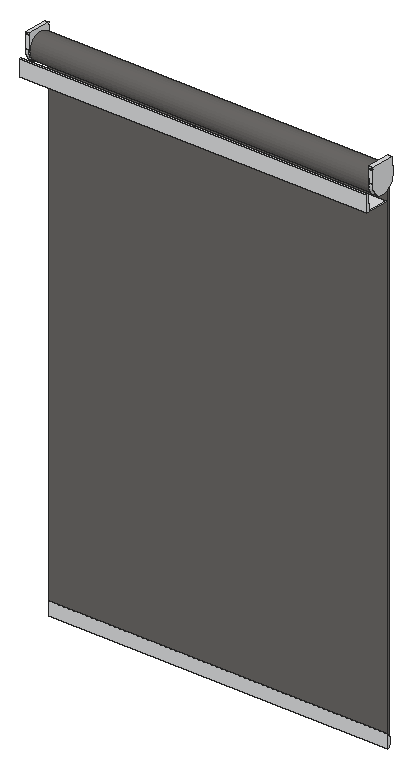
Revit family "Shades-Hunter_Douglas-RB500-Single_Heavy_Duty-Auto-55L_75L_Bracket-Pocket", category Specialty Equipment, Revit 2026
Family settings
  Round Connector Dimension = Use Diameter
  Part Type = Normal
  Classification Number = 23.30.60.14
  Work Plane-Based = No
  Enable Cutting in Views = No
  Always vertical = Yes
  Cut with Voids When Loaded = No
  Maintain Annotation Orientation = No
  Shared = No
  Room Calculation Point = No
Parameters (values of type "55L Ceiling Pocket")
  URL = "https://www.hunterdouglasarchitectural.com/"
  Type Comments = if(CD_Surface Pocket, "Surface Pocket", if(CD_Tile Pocket, "Tile Pocket", if(and([75L], [CD_Ceiling/Gypsum Pocket]), "Gypsum Pocket", "Ceiling Pocket")))  # "Ceiling Pocket"
  Default Elevation = 0' - 0"
  CD_Tile Pocket Calc = and([55L], CD_Tile Pocket)  # no
  CD_Tile Pocket = no
  CD_Surface Pocket = no
  Model = if([75L], "Heavy Duty Automated 75L Bracket", "Heavy Duty Automated 55L Bracket")  # "Heavy Duty Automated 55L Bracket"
  Manufacturer = "Hunter Douglas Architectural"  # constant formula
  Description = "Heavy Duty Automatic Roller Shade"  # constant formula
  CD_Roller CL Offset = if(not([CD_Ceiling/Gypsum Pocket 75L]), 0' 3 1/256" - 0' 0 7/128", 0' 3 1/256")  # 0' - 2 243/256"
  CD_Ceiling/Gypsum Pocket 75L = and([75L], [CD_Ceiling/Gypsum Pocket])  # no
  CD_Ceiling/Gypsum Pocket 55L = and([55L], [CD_Ceiling/Gypsum Pocket])  # yes
  CD_Ceiling/Gypsum Pocket = not(or(CD_Surface Pocket, CD_Tile Pocket))  # yes
  CD_Width [instance] = 4' - 0"
  CD_Warranty = "https://assets.hunterdouglasarchitectural.com/documents/RB500/Lifetime_Guarantee_HDA.pdf?_rand=1465740819000"
  CD_Surface Pocket Calc = and([55L], or(CD_Surface Pocket, CD_Tile Pocket))  # no
  CD_Screen Offset From Face = 0' - 0 231/256"  # constant formula
  CD_Product Page URL = "https://www.hunterdouglasarchitectural.com/windowcoverings/rollershades/RB500/index.jsp"
  CD_Product Name = "RB 500 Roller Shade System"  # constant formula
  CD_Product Documentation Link = "https://www.hunterdouglasarchitectural.com/windowcoverings/rollershades/RB500/index.jsp#cadDrawing"
  CD_Opening Percentage [instance] = 25
  CD_Microsite = "https://microsite.caddetails.com/1669"
  CD_Install Documentation = "https://www.hunterdouglasarchitectural.com/windowcoverings/rollershades/RB500/index.jsp#installationPage"
  CD_Height Opening [instance] = ((CD_Height - CD_Bracket Height - 0' 1 101/256") * CD_Opening Percentage) / 100  # 1' - 10.33887"
  CD_Height [instance] = 8' - 0"
  CD_Finish Rail = Metal-Aluminum-Hunter_Douglas-Anodized
  CD_Finish Frame = Metal-Aluminum-Hunter_Douglas-Anodized
  CD_Finish = Fabric-Shade-Hunter_Douglas-5%-E_Screen-Charcoal_Cocoa
  CD_Fabric Sizing Disclaimer = "Designer to verify maximum fabric size with Manufacturer as the maximum fabric size is dependent on finished dimensions"  # constant formula
  CD_Bracket Offset = if(or(CD_Surface Pocket, CD_Tile Pocket, [CD_Ceiling/Gypsum Pocket 55L]), 0' 0 23/256", 0' 0")  # 0' - 0 23/256"
  CD_Bracket Height = if([75L], 0' 6", 0' 5 1/4")  # 0' - 5 1/4"
  CD_Bracket Depth = 0' - 5 1/4"  # constant formula
  Assembly Code = "E2010300"
  75L = no
  55L = not([75L])  # yes
Types (5): name | Type Comments | CD_Tile Pocket Calc | CD_Tile Pocket | CD_Surface Pocket | Model | CD_Roller CL Offset | CD_Ceiling/Gypsum Pocket 75L | CD_Ceiling/Gypsum Pocket 55L | CD_Ceiling/Gypsum Pocket | CD_Surface Pocket Calc | CD_Height Opening | CD_Bracket Offset | CD_Bracket Height | 75L | 55L
  (no name) | "Ceiling Pocket" | no | no | no | "Heavy Duty Automated 55L Bracket" | 0' - 2 243/256" | no | yes | yes | no | 1' - 10.33887" | 0' - 0 23/256" | 0' - 5 1/4" | no | yes
  55L Surface Pocket | "Surface Pocket" | no | no | yes | "Heavy Duty Automated 55L Bracket" | 0' - 2 243/256" | no | no | no | yes | 1' - 10.33887" | 0' - 0 23/256" | 0' - 5 1/4" | no | yes
  55L Tile Pocket | "Tile Pocket" | yes | yes | no | "Heavy Duty Automated 55L Bracket" | 0' - 2 243/256" | no | no | no | yes | 1' - 10.33887" | 0' - 0 23/256" | 0' - 5 1/4" | no | yes
  55L Ceiling Pocket | "Ceiling Pocket" | no | no | no | "Heavy Duty Automated 55L Bracket" | 0' - 2 243/256" | no | yes | yes | no | 1' - 10.33887" | 0' - 0 23/256" | 0' - 5 1/4" | no | yes
  75L Gypsum Pocket | "Gypsum Pocket" | no | no | no | "Heavy Duty Automated 75L Bracket" | 0' - 3 1/256" | yes | no | yes | no | 1' - 10.15137" | 0' - 0" | 0' - 6" | yes | no
Reference planes (in)
  plane 1 "Center (Front/Back)": y = 0
  plane 2 "Bottom": z = 0
  plane 3 "Center (Left/Right)": x = 0
  plane 4 "Top": z = 96
  plane 5 "Left": x = -24
  plane 6 "Right": x = 24
  plane 7 "Back": y = 2.625
  plane 8 "Front": y = -2.625
  plane 9 "Opening": z = 22.33887
  plane 10 "Head Height": z = 90.75
  plane 11 "Shade Left": x = -23.44922
  plane 12 "Shade Right": x = 23.44922
  plane 13 "Blind Location": y = 1.72266
  plane 14 "Top Bracket": z = 95.91016
  plane 15 "Center (Elevation)": z = 93.69922
Forms (in)
  Extrusion 1, solid, material "Fabric-Shade-Hunter_Douglas-5%-E_Screen-Charcoal_Cocoa" <- "CD_Finish"
    sketch origin (0, 0, -0.25) x (0, 1, 0) y (0, 0, 1)
      loop
        arc (1.73853, 94.20908) -> (-1.7313, 94.10333) -> (1.70355, 93.6006) r 1.74245
        line (1.70355, 93.6006) -> (1.70355, 91.78125) -> (1.73853, 91.78125) -> (1.73853, 94.20908)
    from -23.44922 to 23.44922
  Extrusion 2, solid, material "Metal-Aluminum-Hunter_Douglas-Anodized" <- "CD_Finish Frame", detail levels coarse
    sketch origin (0, 0, 0) x (0, 1, 0) y (0, 0, 1)
      loop
        line (2.625, 90.75) -> (2.625, 96) -> (-2.625, 96) -> (-2.625, 90.75) -> (2.625, 90.75)
    from -24 to 24
  Extrusion 3, solid, material "Metal-Aluminum-Hunter_Douglas-Anodized" <- "CD_Finish Rail", detail levels fine
    sketch origin (0, -0.0067, -20.35107) x (0, 1, 0) y (0, 0, 1)
      loop
        line (1.95623, 43.77417) -> (1.75162, 44.50606) -> (1.70516, 44.50606) -> (1.70516, 42.68993) -> (1.79016, 42.68993) -> (1.94298, 43.26166)
        arc (1.94298, 43.26166) -> (1.97649, 43.51722) -> (1.95623, 43.77417) r 1.23516
    from -23.44922 to 23.44922
  Extrusion 4, solid, material "Fabric-Shade-Hunter_Douglas-5%-E_Screen-Charcoal_Cocoa" <- "CD_Finish"
    sketch origin (0, 0, 0) x (0, 1, 0) y (0, 0, 1)
      loop
        line (1.74015, 22.33887) -> (1.74015, 91.53125) -> (1.70516, 91.53125) -> (1.70516, 22.33887) -> (1.74015, 22.33887)
    from -23.44922 to 23.44922
  Extrusion 5, solid, material "Metal-Aluminum-Hunter_Douglas-Anodized" <- "CD_Finish Frame", visible <- "55L", detail levels medium+fine
    sketch origin (0, 0, -0.25) x (0, 1, 0) y (0, 0, 1)
      loop
        line (1.60826, 96.00328) -> (1.60826, 96.16016) -> (-1.59172, 96.16016) -> (-1.59172, 96.00328) -> (-1.4819, 96.00328) -> (-1.4819, 95.8268) -> (-1.57744, 95.8268) -> (-1.72425, 94.09919)
        arc (-1.72425, 94.09919) -> (0.05558, 92.17167) -> (1.72816, 94.19296) r 1.74245
        line (1.72816, 94.19296) -> (1.59314, 95.83605) -> (1.49846, 95.83605) -> (1.49846, 96.00328) -> (1.60826, 96.00328)
    from 23.44922 to 24
  Extrusion 6, solid, material "Metal-Aluminum-Hunter_Douglas-Anodized" <- "CD_Finish Frame", visible <- "75L", detail levels medium+fine
    sketch origin (0, -10.9375, -0.25) x (0, 1, 0) y (0, 0, 1)
      loop
        line (12.54576, 96.00328) -> (12.54576, 96.16016) -> (9.34578, 96.16016) -> (9.34578, 96.00328) -> (9.4556, 96.00328) -> (9.4556, 95.8268) -> (9.36006, 95.8268) -> (9.20219, 93.39244)
        arc (9.20219, 93.39244) -> (10.93984, 91.45857) -> (12.67747, 93.39245) r 1.74759
        line (12.67747, 93.39245) -> (12.53064, 95.83605) -> (12.43596, 95.83605) -> (12.43596, 96.00328) -> (12.54576, 96.00328)
    from 23.44922 to 24
  Extrusion 7, solid, material "Metal-Aluminum-Hunter_Douglas-Anodized" <- "CD_Finish Frame", visible <- "75L", detail levels medium+fine
    sketch origin (0, 0, -0.25) x (0, 1, 0) y (0, 0, 1)
      loop
        line (1.60826, 96.00328) -> (1.60826, 96.16016) -> (-1.59172, 96.16016) -> (-1.59172, 96.00328) -> (-1.4819, 96.00328) -> (-1.4819, 95.8268) -> (-1.57744, 95.8268) -> (-1.73531, 93.39244)
        arc (-1.73531, 93.39244) -> (0.00234, 91.45857) -> (1.73997, 93.39245) r 1.74759
        line (1.73997, 93.39245) -> (1.59314, 95.83605) -> (1.49846, 95.83605) -> (1.49846, 96.00328) -> (1.60826, 96.00328)
    from -24 to -23.44922
  Extrusion 8, solid, material "Metal-Aluminum-Hunter_Douglas-Anodized" <- "CD_Finish Frame", visible <- "55L", detail levels medium+fine
    sketch origin (0, 0, -0.25) x (0, 1, 0) y (0, 0, 1)
      loop
        line (1.60826, 96.00328) -> (1.60826, 96.16016) -> (-1.59172, 96.16016) -> (-1.59172, 96.00328) -> (-1.4819, 96.00328) -> (-1.4819, 95.8268) -> (-1.57744, 95.8268) -> (-1.72425, 94.09919)
        arc (-1.72425, 94.09919) -> (0.05558, 92.17167) -> (1.72816, 94.19296) r 1.74245
        line (1.72816, 94.19296) -> (1.59314, 95.83605) -> (1.49846, 95.83605) -> (1.49846, 96.00328) -> (1.60826, 96.00328)
    from -24 to -23.44922
  Extrusion 9, solid, material "Metal-Aluminum-Hunter_Douglas-Anodized" <- "CD_Finish Frame", visible <- "CD_Ceiling/Gypsum Pocket 55L", detail levels medium+fine
    sketch origin (0, 0, 0) x (0, 1, 0) y (0, 0, 1)
      loop
        line (-2.625, 90.75) -> (0.61405, 90.75) -> (0.61405, 90.82071) -> (-2.30021, 90.82071) -> (-2.30021, 91.76116) -> (-2.56321, 91.76116) -> (-2.56321, 93.05648) -> (-2.625, 93.05648) -> (-2.625, 90.75)
    from -24 to 24
  Extrusion 10, solid, material "Metal-Aluminum-Hunter_Douglas-Anodized" <- "CD_Finish Frame", visible <- "CD_Surface Pocket Calc", detail levels medium+fine
    sketch origin (0, 5.75, -0.86335) x (0, 1, 0) y (0, 0, 1)
      loop
        line (-3.40133, 91.61335) -> (-3.125, 91.61335) -> (-3.125, 96.86335) -> (-8.375, 96.86335) -> (-8.375, 91.61117) -> (-5.13595, 91.61117) -> (-5.13595, 91.68188) -> (-7.94857, 91.68188) -> (-7.94857, 96.77185) -> (-3.40133, 96.77185) -> (-3.40133, 91.61335)
    from -24 to 24
  Extrusion 11, solid, material "Metal-Aluminum-Hunter_Douglas-Anodized" <- "CD_Finish Frame", visible <- "CD_Tile Pocket Calc", detail levels medium+fine
    sketch origin (0, 5.75, -0.86335) x (0, 1, 0) y (0, 0, 1)
      loop
        line (-8.375, 91.61117) -> (-8.375, 91.70486) -> (-9.2296, 91.70486) -> (-9.2296, 91.61117) -> (-8.375, 91.61117)
    from -24 to 24
  Extrusion 12, solid, material "Metal-Aluminum-Hunter_Douglas-Anodized" <- "CD_Finish Frame", visible <- "CD_Ceiling/Gypsum Pocket 75L", detail levels medium+fine
    sketch origin (0, -0.375, 0) x (0, 1, 0) y (0, 0, 1)
      loop
        line (-2.625, 90.75) -> (0.61405, 90.75) -> (0.61405, 90.82071) -> (-2.30021, 90.82071) -> (-2.30021, 91.76116) -> (-2.56321, 91.76116) -> (-2.56321, 93.05648) -> (-2.625, 93.05648) -> (-2.625, 90.75)
    from -24 to 24
Cuts and joins
  joined: Extrusion 1, Extrusion 4
Lines and regions (in)
  Masking region 1, detail levels fine
    outline origin (0, -0.0067, 0.31605) x (0, 1, 0) y (0, 0, 1)
      loop
        line (1.94404, 23.10704) -> (1.75162, 23.83894) -> (1.70516, 23.83894) -> (1.70516, 22.02281) -> (1.79016, 22.02281) -> (1.94298, 22.59454)
        arc (1.94298, 22.59454) -> (1.9769, 22.85072) -> (1.94404, 23.10704) r 1
Dimensions and locks (in)
  "CD_Height": plane 4 "Top" to plane 2 "Bottom"
  equal spacing: plane 5 "Left", plane 3 "Center (Left/Right)", plane 6 "Right"
  "CD_Width": plane 5 "Left" to plane 6 "Right"
  equal spacing: plane 8 "Front", plane 1 "Center (Front/Back)", plane 7 "Back"
  "CD_Bracket Depth": plane 8 "Front" to plane 7 "Back"
  locked: Extrusion 4 sketch curve to plane 10 "Head Height" at 0.78125
  Extrusion 4 sketch curve to plane 13 "Blind Location" to Extrusion 4 sketch curve = 0' - 0.01749" locked, 0' - 0.01749" locked
  locked: plane 5 "Left" to plane 11 "Shade Left" at 0.55078
  locked: plane 12 "Shade Right" to plane 6 "Right" at 0.55078
  "CD_Height Opening": plane 9 "Opening" to level
  "CD_Bracket Height": plane 4 "Top" to plane 10 "Head Height"
  "CD_Screen Offset From Face": plane 13 "Blind Location" to plane 7 "Back"
  Masking region 1 sketch curve to plane 9 "Opening" to Masking region 1 sketch curve to Masking region 1 sketch curve to Masking region 1 sketch curve = 0' - 0" locked, 0' - 0.57173" locked, 0' - 0.51251" locked, 0' - 0.7319" locked
  Masking region 1 sketch curve to Masking region 1 sketch curve to Masking region 1 sketch curve to plane 13 "Blind Location" to Extrusion 4 = 0' - 0.18675" locked, 0' - 0.03854" locked, 0' - 0.02226" locked, 0' - 0.01749" locked
  Extrusion 3 sketch curve to plane 9 "Opening" to Extrusion 3 sketch curve to Extrusion 3 sketch curve to Extrusion 3 sketch curve = 0' - 0" locked, 0' - 0.57173" locked, 0' - 0.51251" locked, 0' - 0.7319" locked
  Extrusion 3 sketch curve to Extrusion 3 sketch curve to Extrusion 3 sketch curve to plane 13 "Blind Location" to Extrusion 4 = 0' - 0.18675" locked, 0' - 0.03854" locked, 0' - 0.02226" locked, 0' - 0.01749" locked
  Extrusion 5 sketch curve to Extrusion 5 sketch curve to Extrusion 5 sketch curve to Extrusion 5 sketch curve to plane 1 "Center (Front/Back)" = 0' - 0.14246" locked, 0' - 0.01512" locked, 0' - 0.09468" locked, 0' - 1.49846" locked
  plane 1 "Center (Front/Back)" to Extrusion 5 sketch curve to Extrusion 5 sketch curve to Extrusion 5 sketch curve = 0' - 1.4819" locked, 0' - 0.09553" locked, 0' - 0.01429" locked
  locked: Extrusion 1 sketch curve to plane 10 "Head Height" at 0.78125
  Extrusion 1 sketch curve to Extrusion 1 sketch curve to plane 10 "Head Height" = 0' - 3.4849" locked, 0' - 1.26087" locked
  Extrusion 1 sketch curve to Extrusion 1 sketch curve to plane 1 "Center (Front/Back)" to Extrusion 1 sketch curve = 0' - 0.03498" locked, 0' - 1.70355" locked, 0' - 1.73417" locked
  Extrusion 6 sketch curve to Extrusion 6 sketch curve to Extrusion 6 sketch curve to Extrusion 6 sketch curve to plane 1 "Center (Front/Back)" = 0' - 0.14167" locked, 0' - 0.01512" locked, 0' - 0.09468" locked, 0' - 1.49846" locked
  plane 1 "Center (Front/Back)" to Extrusion 6 sketch curve to Extrusion 6 sketch curve to Extrusion 6 sketch curve = 0' - 1.4819" locked, 0' - 0.09553" locked, 0' - 0.01429" locked
  Extrusion 6 sketch curve to plane 14 "Top Bracket" to Extrusion 6 sketch curve to Extrusion 6 sketch curve to Extrusion 6 sketch curve to Extrusion 6 sketch curve to Extrusion 6 sketch curve to Extrusion 6 sketch curve to Extrusion 6 sketch curve = 0' - 0" locked, 0' - 0.15688" locked, 0' - 0" locked, 0' - 0.16723" locked, 0' - 0.00925" locked, 0' - 2.43435" locked, 0' - 0" locked, 0' - 1.93386" locked
  Extrusion 5 sketch curve to plane 14 "Top Bracket" to Extrusion 5 sketch curve to Extrusion 5 sketch curve to Extrusion 5 sketch curve to Extrusion 5 sketch curve to Extrusion 5 sketch curve to Extrusion 5 sketch curve to Extrusion 5 sketch curve = 0' - 0" locked, 0' - 0.15688" locked, 0' - 0" locked, 0' - 0.16723" locked, 0' - 0.00925" locked, 0' - 1.63384" locked, 0' - 0 3/32" locked, 0' - 1.92817" locked
  Extrusion 7 sketch curve to Extrusion 7 sketch curve to Extrusion 7 sketch curve to Extrusion 7 sketch curve to plane 1 "Center (Front/Back)" = 0' - 0.14167" locked, 0' - 0.01512" locked, 0' - 0.09468" locked, 0' - 1.49846" locked
  plane 1 "Center (Front/Back)" to Extrusion 7 sketch curve to Extrusion 7 sketch curve to Extrusion 7 sketch curve = 0' - 1.4819" locked, 0' - 0.09553" locked, 0' - 0.01429" locked
  Extrusion 7 sketch curve to plane 14 "Top Bracket" to Extrusion 7 sketch curve to Extrusion 7 sketch curve to Extrusion 7 sketch curve to Extrusion 7 sketch curve to Extrusion 7 sketch curve to Extrusion 7 sketch curve to Extrusion 7 sketch curve = 0' - 0" locked, 0' - 0.15688" locked, 0' - 0" locked, 0' - 0.16723" locked, 0' - 0.00925" locked, 0' - 2.43435" locked, 0' - 0" locked, 0' - 1.93386" locked
  Extrusion 8 sketch curve to Extrusion 8 sketch curve to Extrusion 8 sketch curve to Extrusion 8 sketch curve to plane 1 "Center (Front/Back)" = 0' - 0.14246" locked, 0' - 0.01512" locked, 0' - 0.09468" locked, 0' - 1.49846" locked
  plane 1 "Center (Front/Back)" to Extrusion 8 sketch curve to Extrusion 8 sketch curve to Extrusion 8 sketch curve = 0' - 1.4819" locked, 0' - 0.09553" locked, 0' - 0.01429" locked
  Extrusion 8 sketch curve to plane 14 "Top Bracket" to Extrusion 8 sketch curve to Extrusion 8 sketch curve to Extrusion 8 sketch curve to Extrusion 8 sketch curve to Extrusion 8 sketch curve to Extrusion 8 sketch curve to Extrusion 8 sketch curve = 0' - 0" locked, 0' - 0.15688" locked, 0' - 0" locked, 0' - 0.16723" locked, 0' - 0.00925" locked, 0' - 1.63384" locked, 0' - 0 3/32" locked, 0' - 1.92817" locked
  Extrusion 9 sketch curve to Extrusion 9 sketch curve to Extrusion 9 sketch curve to Extrusion 9 sketch curve to plane 10 "Head Height" = 0' - 1.29532" locked, 0' - 0.94045" locked, 0' - 0.07071" locked, 0' - 0" locked
  Extrusion 9 sketch curve to Extrusion 9 sketch curve to Extrusion 9 sketch curve to plane 8 "Front" to Extrusion 9 sketch curve = 0' - 2.91426" locked, 0' - 0.263" locked, 0' - 0.06179" locked, 0' - 0" locked
  plane 7 "Back" to Extrusion 10 sketch curve to Extrusion 10 sketch curve = 0' - 0" locked, 0' - 0.27633" locked
  Extrusion 10 sketch curve to Extrusion 10 sketch curve to plane 8 "Front" to Extrusion 10 sketch curve = 0' - 2.81262" locked, 0' - 0.42643" locked, 0' - 0" locked
  plane 4 "Top" to Extrusion 10 sketch curve to Extrusion 10 sketch curve = 0' - 0" locked, 0' - 0.09151" locked
  Extrusion 10 sketch curve to plane 10 "Head Height" to Extrusion 10 sketch curve to Extrusion 10 sketch curve = 0' - 0.06853" locked, 0' - 0" locked, 0' - 0.00218" locked
  Extrusion 11 sketch curve to plane 10 "Head Height" to Extrusion 11 sketch curve = 0' - 0.09151" locked, 0' - 0.00218" locked
  plane 8 "Front" to Extrusion 11 sketch curve to Extrusion 11 sketch curve = 0' - 0" locked, 0' - 0.8546" locked
  "CD_Bracket Offset": plane 4 "Top" to plane 14 "Top Bracket"
  "CD_Roller CL Offset": plane 15 "Center (Elevation)" to plane 10 "Head Height"
  Extrusion 12 sketch curve to Extrusion 12 sketch curve to Extrusion 12 sketch curve to Extrusion 12 sketch curve = 0' - 1.29532" locked, 0' - 0.94045" locked, 0' - 0.07071" locked
  Extrusion 12 sketch curve to plane 8 "Front" to Extrusion 12 sketch curve to Extrusion 12 sketch curve to Extrusion 12 sketch curve = 0' - 2.86405" locked, 0' - 0.05021" locked, 0' - 0.263" locked, 0' - 0.06179" locked
  aligned and locked: plane 2 "Bottom" to level
  aligned and locked: plane 4 "Top" to Extrusion 2 sketch curve
  aligned and locked: plane 8 "Front" to Extrusion 2 sketch curve
  aligned and locked: Extrusion 2 sketch curve to plane 7 "Back"
  aligned and locked: Extrusion 2 sketch curve to plane 10 "Head Height"
  aligned and locked: Extrusion 2 to plane 5 "Left"
  aligned and locked: plane 6 "Right" to Extrusion 2
  aligned and locked: Extrusion 4 to plane 11 "Shade Left"
  aligned and locked: plane 12 "Shade Right" to Extrusion 4
  aligned and locked: Extrusion 3 to plane 11 "Shade Left"
  aligned and locked: plane 12 "Shade Right" to Extrusion 3
  aligned and locked: Extrusion 4 to plane 9 "Opening"
  aligned and locked: cut or joined group of Extrusion 1, Extrusion 4 to plane 11 "Shade Left"  (x2)
  aligned and locked: plane 12 "Shade Right" to cut or joined group of Extrusion 1, Extrusion 4  (x2)
  aligned and locked: plane 6 "Right" to Extrusion 5
  aligned and locked: Extrusion 5 to plane 12 "Shade Right"
  aligned and locked: Extrusion 8 to plane 5 "Left"
  aligned and locked: Extrusion 7 to plane 5 "Left"
  aligned and locked: plane 11 "Shade Left" to Extrusion 8
  aligned and locked: plane 11 "Shade Left" to Extrusion 7
  aligned and locked: Extrusion 10 to plane 5 "Left"
  aligned and locked: Extrusion 9 to plane 5 "Left"
  aligned and locked: Extrusion 11 to plane 5 "Left"
  aligned and locked: plane 6 "Right" to Extrusion 11
  aligned and locked: plane 6 "Right" to Extrusion 9
  aligned and locked: plane 6 "Right" to Extrusion 10
  aligned and locked: plane 6 "Right" to Extrusion 6
  aligned and locked: Extrusion 6 to plane 12 "Shade Right"
Automatic sketch dimensions
  Extrusion 5 sketch curve to plane 1 "Center (Front/Back)" = 0' - 0.00827"
  Extrusion 6 sketch curve to Extrusion 6 sketch curve = 0' - 0.14358"
  Extrusion 7 sketch curve to plane 8 "Front" = 0' - 0.88969"
  Extrusion 8 sketch curve to plane 8 "Front" = 0' - 0.90075"
  plane 13 "Blind Location" to Extrusion 3 sketch curve = 0' - 0.02419"
  Extrusion 3 sketch curve to plane 1 "Center (Front/Back)" = 0' - 0.73504"
  Extrusion 3 sketch curve to Extrusion 3 sketch curve = 0' - 0.15283"
  Extrusion 4 sketch curve to plane 9 "Opening" = 0' - 0"
  plane 13 "Blind Location" to Masking region 1 sketch curve = 0' - 0.02419"
  plane 13 "Blind Location" to Masking region 1 sketch curve = 0' - 0.75245"
  Masking region 1 sketch curve to Masking region 1 sketch curve = 0' - 0.15283"
  Extrusion 12 sketch curve to plane 10 "Head Height" = 0' - 0"
